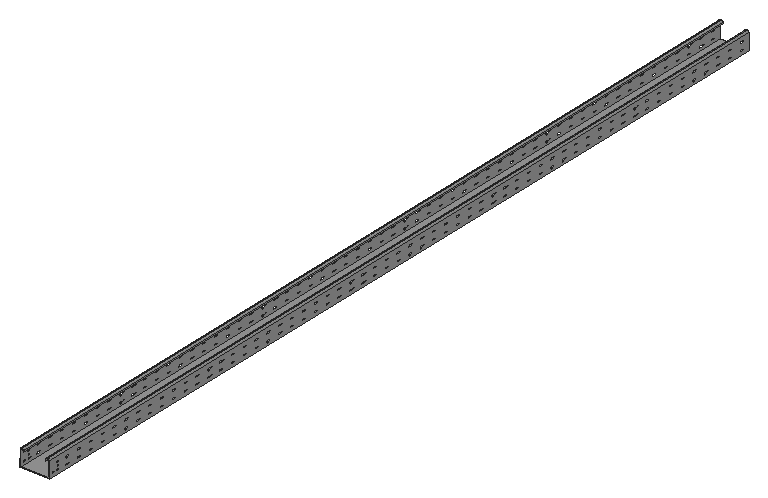
Revit family "Kabelrinne_rksm_A2_610_615_620_630_640_650_660", category Generic Models, Revit 2017 (continued)
Dimensions and locks
  locked: cut or joined group 1 (Extrusion 1, Extrusion 5, Extrusion 8, Extrusion 10, Extrusion 11, Extrusion 13, Extrusion 14, Extrusion 15, Extrusion 16, Extrusion 17, Extrusion 18, Extrusion 19, Extrusion 20, Extrusion 21, Extrusion 22, Extrusion 23, Extrusion 24, Extrusion 25, Extrusion 26, Extrusion 27, Extrusion 28, Extrusion 29, Extrusion 30, Extrusion 31, Extrusion 32, Extrusion 33, Extrusion 34, Extrusion 35, Extrusion 36, Extrusion 37, Extrusion 38, Extrusion 39, Extrusion 40, Extrusion 41, Extrusion 42, Extrusion 43, Extrusion 44, Extrusion 45, Extrusion 46, Extrusion 47, Extrusion 48, Extrusion 49, Extrusion 50, Extrusion 51, Extrusion 52, Extrusion 53, Extrusion 54, Extrusion 55, Extrusion 56, Extrusion 57, Extrusion 58, Extrusion 59, Extrusion 60, Extrusion 61, Extrusion 62, Extrusion 63, Extrusion 64, Extrusion 65, Extrusion 66, Extrusion 67, Extrusion 68, Extrusion 69, Extrusion 70, Extrusion 71, Extrusion 72, Extrusion 73, Extrusion 74, Extrusion 75, Extrusion 76, Extrusion 77, Extrusion 78, Extrusion 79, Extrusion 80, Extrusion 81, Extrusion 82, Extrusion 83, Extrusion 84, Extrusion 85, Extrusion 86, Extrusion 87, Extrusion 88, Extrusion 89, Extrusion 90, Extrusion 91, Extrusion 92, Extrusion 93, Extrusion 94, Extrusion 95, Extrusion 96, Extrusion 97, Extrusion 98, Extrusion 99, Extrusion 100, Extrusion 101, Extrusion 102, Extrusion 103, Extrusion 104, Extrusion 105, Extrusion 106, Extrusion 107, Extrusion 108, Extrusion 109, Extrusion 110, Extrusion 111, Extrusion 112, Extrusion 113, Extrusion 114, Extrusion 115, Extrusion 116, Extrusion 117, Extrusion 118, Extrusion 119, Extrusion 120, Extrusion 121, Extrusion 122, Extrusion 123, Extrusion 124, Extrusion 125, Extrusion 126, Extrusion 127, Extrusion 128, Extrusion 129, Extrusion 130, Extrusion 131, Extrusion 132, Extrusion 133, Extrusion 134, Extrusion 135, Extrusion 136, Extrusion 137, Extrusion 138, Extrusion 139, Extrusion 140, Extrusion 141, Extrusion 142, Extrusion 143, Extrusion 144, Extrusion 145, Extrusion 146, Extrusion 147, Extrusion 148, Extrusion 149, Extrusion 150, Extrusion 151, Extrusion 152, Extrusion 153, Extrusion 154, Extrusion 155, Extrusion 156, Extrusion 157, Extrusion 158, Extrusion 159, Extrusion 160, Extrusion 161, Extrusion 162, Extrusion 163, Extrusion 164, Extrusion 165, Extrusion 166, Extrusion 167, Extrusion 168, Extrusion 169, Extrusion 170, Extrusion 171, Extrusion 172, Extrusion 173, Extrusion 174, Extrusion 175, Extrusion 176, Extrusion 177, Extrusion 178, Extrusion 179, Extrusion 180, Extrusion 181, Extrusion 182, Extrusion 183, Extrusion 184, Extrusion 185, Extrusion 186, Extrusion 187, Extrusion 188, Extrusion 189, Extrusion 190, Extrusion 191, Extrusion 192, Extrusion 193, Extrusion 194, Extrusion 195, Extrusion 196, Extrusion 197, Extrusion 198, Extrusion 199, Extrusion 200, Extrusion 201, Extrusion 202, Extrusion 203, Extrusion 204, Extrusion 205, Extrusion 206, Extrusion 207, Extrusion 208, Extrusion 209, Extrusion 210, Extrusion 211, Extrusion 212, Extrusion 213, Extrusion 214, Extrusion 215, Extrusion 216, Extrusion 217, Extrusion 218, Extrusion 219, Extrusion 220, Extrusion 221, Extrusion 222, Extrusion 223, Extrusion 224, Extrusion 225, Extrusion 226, Extrusion 227, Extrusion 228, Extrusion 229, Extrusion 230, Extrusion 231, Extrusion 232, Extrusion 233, Extrusion 234, Extrusion 235, Extrusion 236, Extrusion 237, Extrusion 238, Extrusion 239, Extrusion 240, Extrusion 241, Extrusion 242, Extrusion 243, Extrusion 244, Extrusion 245, Extrusion 246, Extrusion 247, Extrusion 248, Extrusion 249, Extrusion 250, Extrusion 251, Extrusion 252, Extrusion 253, Extrusion 254, Extrusion 255, Extrusion 256, Extrusion 257, Extrusion 258, Extrusion 259, Extrusion 260, Extrusion 261, Extrusion 262, Extrusion 263, Extrusion 264, Extrusion 265, Extrusion 266, Extrusion 267, Extrusion 268, Extrusion 269, Extrusion 270, Extrusion 271, Extrusion 272, Extrusion 273, Extrusion 274, Extrusion 275, Extrusion 276, Extrusion 277) to Extrusion 271 sketch curve at 28
  locked: cut or joined group 1 to Extrusion 271 sketch curve at 43
  locked: cut or joined group 1 to Extrusion 272 sketch curve at 34
  locked: Extrusion 272 sketch curve to Extrusion 272 sketch curve at 7
  locked: cut or joined group 1 to Extrusion 272 sketch curve at 28
  locked: cut or joined group 1 to Extrusion 272 sketch curve at 43
  Extrusion 272 sketch curve to cut or joined group 1 = 18 mm
  locked: cut or joined group 1 to cut or joined group 1 at 1  (x8)
  locked: cut or joined group 1 to Extrusion 273 sketch curve at 9
  locked: Extrusion 273 sketch curve to Extrusion 273 sketch curve at 7
  locked: Extrusion 273 sketch curve to cut or joined group 1 at 8
  Extrusion 273 sketch curve to cut or joined group 1 = 23 mm
  locked: plane 16 to plane 15 at 1
  locked: plane 17 to plane 18 at 1
  locked: cut or joined group 1 to Extrusion 274 sketch curve at 9
  locked: Extrusion 274 sketch curve to Extrusion 274 sketch curve at 7
  locked: Extrusion 274 sketch curve to cut or joined group 1 at 28
  locked: Extrusion 274 sketch curve to cut or joined group 1 at 43
  locked: plane 19 to plane 20 at 1
